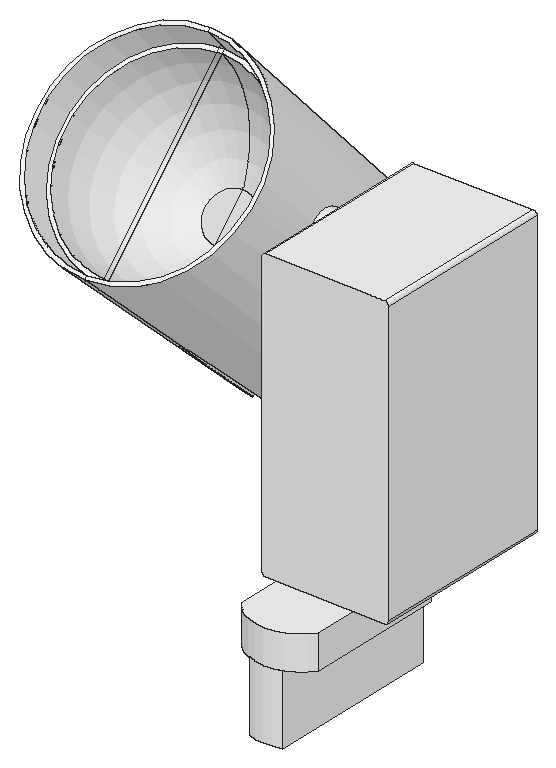
Revit family "0004816 Feilo Sylvania Lighting Fixture START TRACK SPOT S 24W 3K RA80 WB WHITE", category Lighting Fixtures, host Face, Revit 2017
Family settings
  Host = Face
  Round Connector Dimension = Use Diameter
  Part Type = Normal
  OmniClass Number = 23.80.70.00
  OmniClass Title = Lighting
  Cut with Voids When Loaded = No
  Light Source = No
  Shared = No
  Room Calculation Point = No
Parameters (values of type "0004816 START TRACK SPOT S 24W 3K RA80 WB WHITE")
  Weight = "0.966 kg"
  Wattage Comments = ""
  WarrantyStartDate [instance] = "n/a"
  WarrantyGuarantorParts = "n/a"
  WarrantyDurationUnit = "n/a"
  WarrantyDurationParts = "n/a"
  WarrantyDescription = "n/a"
  Voltage = 230 V
  URL = "http://www.sylvania-lighting.com"
  TypeName = "START TRACK SPOT S 24W 3K RA80 WB WHITE"
  TypeHead_FEILO = Start Track Spot Head : 0004816 START TRACK SPOT S 24W 3K RA80 WB WHITE
  TypeBox_FEILO = Start Track Spot Box : Type Small White
  Type Image = <None>
  Type Comments = "n/a"
  VerticalRotation_FEILO [instance] = 0.00°
  SlideEndAngle_FEILO [instance] = VerticalRotation_FEILO + 180.00°  # 180.00°
  SerialNumber [instance] = "n/a"
  Material_3_FEILO = none
  PowerFactor = 0.95
  PowerConsumption = "24 W"
  NominalLength = 0 mm
  NominalHeight = 200 mm
  NominalDepth = 140 mm
  Name = "START TRACK SPOT S 24W 3K RA80 WB WHITE"
  ModelReference = Name  # "START TRACK SPOT S 24W 3K RA80 WB WHITE"
  ModelNumber = "0004816"
  Model = Name  # "START TRACK SPOT S 24W 3K RA80 WB WHITE"
  Material = "adc12 aluminium housing, polycarbonate diffuser"
  ManufacturerName = "Feilo Sylvania"
  Manufacturer = "Feilo Sylvania"
  LuminousEfficacy = "97 lm/W"
  LuminaireType = ""
  LightOutputRatio = "100"
  LampsType = Lamp  # "LED"
  LampNominalLuminous = "2318 lm"
  LampMacAdamStep = "3"
  LampColourTemperature = "3000 K"
  LampColourRenderingIndex = "80"
  Lamp = "LED"
  Keynote = "16500"
  InstallationDate [instance] = "n/a"
  InputVoltage = "230-240V~"
  InputNominalFrequency = "50/60 Hz"
  IngressProtection = "IP20"
  ImpactProtectionIndex = "IK02"
  IfcExportType = "IfcLightFixtureType"
  IfcExportAs = "IfcLightFixtureType"
  HorizontalRotation_FEILO [instance] = 45.00°
  ExpectedLife = 50000
  ElectricShockClassification = "Class II"
  DurationUnit = "hours"
  DocumentationLiterature = "http://www.sylvania-lighting.com/product/en-int/products/0004816"
  DimmingControlOptions = "Non dimmable"
  Material_2_FEILO = none
  Description = "Integrated LED spotlight, Textured White - RAL9016, compact and minimalist design, ideal for retail applications, die-cast aluminium body, passive cooling heatsink. Beam angle: 64°, color temperature: 3000K , total system power: 24W, total fixture output: 2318 lm, LOR: 100%, colour rendering: Ra: 80 typical, LED Chromaticity: 3 step MacAdam ellipse, lifetime: >50000 hours at L70B50, energy class: A++, A+, A, IR/UV free light source without heat radiation, operating voltage: 220-240V / 50-60Hz, drive current: 600mA, electronic driver, non-dimmable, power factor: 0.95, electrical protection: Class II, Global Track 3 Phase adapter suitable for Global trac 3-circuit tracks, ingress protection rating: IP20, suitable for internal environment only, horizontal rotation: 355°, vertical tilt: 90°, dimensions: Ø86x140x200, weight: 0.966kg."
  Default Elevation = 1219.2 mm
  CreatedOn = "12/12/2017"
  CreatedBy = ""
  Cost = 0
  built-in parameter 1114216 [instance] = (empty or 0)
  ClassificationValue = "EF_70_80"
  ClassificationName = "Uniclass2015"
  Material_1_FEILO = Body-Sylvania-StartTrackSpot-White
  BarCode [instance] = "n/a"
  AssetType = "Fixed"
  AssetIdentifier [instance] = "n/a"
  Assembly Code = "D5020200"
  Apparent Load = 24 VA
  Material_4_FEILO = none
Reference planes
  plane 1 "Center (Front/Back)": y = 0
  plane 2: z = 0
  plane 3 "Center (Left/Right)": x = 0
  plane 4: x = 15
  plane 5: x = -15
  plane 6: y = 35
  plane 7: y = -35
  plane 8: z = 13
  plane 9: z = -27
  plane 10: x = 6.5
  plane 11: x = -6.5
  plane 12: y = 27
  plane 13: y = -27
  plane 14: y = 20
Forms (mm)
  Extrusion 1, solid, material "Body-Sylvania-StartTrackSpot-White" <- "Material_1_FEILO"
    sketch origin (0, 0, 0) x (1, 0, 0) y (0, 1, 0)
      loop
        line (-15, 27) -> (-15, -27)
        arc (-15, -27) -> (0, -35) -> (15, -27) r 18.062
        line (15, -27) -> (15, 27)
        arc (15, 27) -> (0, 35) -> (-15, 27) r 18.062
    from 0 to 13
  Extrusion 2, solid, material "Body-Sylvania-StartTrackSpot-White" <- "Material_1_FEILO"
    sketch origin (0, 0, 0) x (1, 0, 0) y (0, 1, 0)
      loop
        arc (6.5, 33.79) -> (0, 35) -> (-6.5, 33.79) r 18.062
        line (-6.5, 33.79) -> (-6.5, -33.79)
        arc (-6.5, -33.79) -> (0, -35) -> (6.5, -33.79) r 18.062
        line (6.5, -33.79) -> (6.5, 33.79)
    from 0 to -27
  Revolve 3, solid, not visible
    sketch origin (1524, 20, 1219.2) x (1, 0, 0) y (0, 0, 1)
      loop
        line (-1524, -1206.2) -> (-1524, -1191.285) -> (-1530.5, -1191.285) -> (-1530.5, -1206.2) -> (-1524, -1206.2)
      axis (-1524, -1191.285) -> (-1524, -1206.2)
    angle from 0 <- "VerticalRotation_FEILO" to 180 <- "SlideEndAngle_FEILO"
Cuts and joins
  joined: Extrusion 1, Extrusion 2
Dimensions and locks
  equal spacing: plane 10, plane 3 "Center (Left/Right)", plane 11
  equal spacing: plane 4, plane 3 "Center (Left/Right)", plane 5
  locked: plane 8 to plane 2 at 13
  locked: plane 8 to plane 9 at 40
  equal spacing: plane 13, plane 1 "Center (Front/Back)", plane 12
  locked: plane 12 to plane 6 at 8
  locked: plane 14 to plane 6 at 15
  locked: Revolve 3 sketch curve to plane 8 at 14.915
  aligned and locked: plane 2 to host face
  aligned and locked: level to host face
  aligned and locked: plane 5 to Extrusion 1 sketch curve  (x2)
  aligned and locked: plane 12 to Extrusion 1 sketch curve
  aligned and locked: plane 13 to Extrusion 1 sketch curve
  aligned and locked: plane 4 to Extrusion 1 sketch curve
  aligned and locked: Extrusion 1 to plane 8
  aligned and locked: Extrusion 1 to level
  aligned and locked: Extrusion 2 sketch curve to Extrusion 1  (x2)
  aligned and locked: Extrusion 2 sketch curve to plane 11
  aligned and locked: plane 10 to Extrusion 2 sketch curve
  aligned and locked: plane 9 to Extrusion 2
  aligned and locked: level to Extrusion 2
  aligned and locked: Revolve 3 sketch curve to plane 3 "Center (Left/Right)"  (x2)
  aligned and locked: plane 11 to Revolve 3 sketch curve
  aligned and locked: Revolve 3 sketch curve to plane 8
Automatic sketch dimensions
  host sketch curve to host sketch curve = 2438.4 mm  (x2)
  Extrusion 1 sketch curve to plane 3 "Center (Left/Right)" = 0 mm  (x2)
  Extrusion 1 sketch curve to plane 13 = 10.062 mm
  plane 12 to Extrusion 1 sketch curve = 10.062 mm
  Revolve 3 sketch curve to plane 3 "Center (Left/Right)" = 0 mm
  plane 9 to Revolve 3 sketch curve = 582.6 mm
  Revolve 3 sketch curve to Revolve 3 sketch curve = 2581.144 mm
Nested families
  nested 1: "Start Track Spot Head" at (-62, 20, 112.529) x (0, 0.7071, 0.7071) z (0, 0.7071, -0.7071), type <- "TypeHead_FEILO", type "0004816 START TRACK SPOT S 24W 3K RA80 WB WHITE"
    with built-in parameter 1114216 (empty or 0)
  nested 2: "Start Track Spot Box" at (8.5, 20, 73) x (-1, 0, 0) z (0, -1, 0), BoxStartAngle_FEILO <- "HorizontalRotation_FEILO", type <- "TypeBox_FEILO", type "Type Small White"
    with BoxStartAngle_FEILO 45.00°, BoxEndAngle_FEILO -135.00°
Connectors
  electrical at (0, 0, 0), driven by "Apparent Load", driven by "PowerFactor", driven by "Voltage"
    settings: index 1, voltage 230 V, apparent load 24 VA, apparent load phase1 0 VA, apparent load phase2 0 VA, apparent load phase3 0 VA, power factor 0.95, load classification "Lighting", number of poles 1, system type 30, power factor state 1, is connector primary yes, connector utility no, sub classification motor no, connector description ""
Definition of nested family "Start Track Spot Head"
  Parameters (values of type "0004811 START TRACK SPOT S 14W 3K RA80 NB WHITE")
    Wattage Comments = "n/a"
    Wattage = 14 W
    built-in parameter 1150110 = 1 (stored number, unit not read)
    URL = "http://www.feilosylvania.com"
    Type Image = (empty or 0)
    Type Comments = "n/a"
    built-in parameter 1114217 = 1 (stored number, unit not read)
    Tilt Angle = -90.00°
    built-in parameter 1150109 = 1 (stored number, unit not read)
    built-in parameter 1150134 = (empty or 0)
    built-in parameter 1150113 = 1 (stored number, unit not read)
    Photometric Web File = "0004811.ies"
    Material_3_FEILO = none
    Model = "START TRACK SPOT S 14W 3K RA80 NB WHITE"
    Manufacturer = "Feilo Sylvania"
    built-in parameter 1150105 = 123.66 (stored number, unit not read)
    Lumens = 1554 lm
    built-in parameter 1150115 = 1 (stored number, unit not read)
    built-in parameter 1150137 = (empty or 0)
    built-in parameter 1150139 = (empty or 0)
    built-in parameter 1150112 = 1 (stored number, unit not read)
    built-in parameter 1150114 = 1 (stored number, unit not read)
    Lamp = "LED"
    Keynote = "16500"
    Material_2_FEILO = none
    built-in parameter 1150132 = (empty or 0)
    built-in parameter 1150102 = (empty or 0)
    built-in parameter 1150107 = 3000 (stored number, unit not read)
    built-in parameter 1150138 = (empty or 0)
    built-in parameter 1150106 = 1.2366 (stored number, unit not read)
    HeadThickness_FEILO = if(HeadDiaOut_FEILO > 112 mm, 2 mm, 1.5 mm)  # 1.5 mm
    HeadRibOffset_FEILO = HeadHeight_FEILO / 28  # 4.179 mm
    HeadRibDepth_FEILO = HeadHeight_FEILO / 2.1  # 55.714 mm
    HeadRibCutWidth_FEILO = HeadDiaOut_FEILO / 12  # 7.167 mm
    HeadRibCutOffset_FEILO = HeadHeight_FEILO / 2.3  # 50.87 mm
    HeadReflectorRadius_FEILO = HeadDiaOut_FEILO / 1.7  # 50.588 mm
    HeadReflectorOffset_FEILO = HeadHeight_FEILO / 2.1  # 55.714 mm
    HeadLEDRadius_FEILO = HeadDiaOut_FEILO / 9  # 9.556 mm
    HeadHeight_FEILO = 117 mm
    HeadDraft_FEILO = 1 mm
    HeadDiffusorThickness_FEILO = 3 mm
    HeadDiffusorOffset_FEILO = HeadHeight_FEILO / 12.4  # 9.435 mm
    HeadDiaOut_FEILO = 86 mm
    HeadDiaIn_FEILO = HeadDiaOut_FEILO / 1.11  # 77.477 mm
    HeadAxisFromTop_FEILO = HeadHeight_FEILO / 1.687  # 69.354 mm
    Emit from Circle Diameter = HeadDiaIn_FEILO  # 77.477 mm
    Emit Shape Visible in Rendering = no
    built-in parameter 1150104 = 10.312 (stored number, unit not read)
    Dimming Lamp Color Temperature Shift = (empty or 0)
    Description = "Integrated LED spotlight, Textured White - RAL9016, compact and minimalist design, ideal for retail applications, die-cast aluminium body, passive cooling heatsink. Beam angle: 12°, color temperature: 3000K , total system power: 14W, total fixture output: 1551 lm, LOR: 100%, colour rendering: Ra: 80 typical, LED Chromaticity: 3 step MacAdam ellipse, lifetime: >50000 hours at L70B50, energy class: A++, A+, A, IR/UV free light source without heat radiation, operating voltage: 220-240V / 50-60Hz, drive current: 350mA, electronic driver, non-dimmable, power factor: 0.92, electrical protection: Class II, Global Track 3 Phase adapter suitable for Global trac 3-circuit tracks, ingress protection rating: IP20, suitable for internal environment only, horizontal rotation: 355°, vertical tilt: 90°, dimensions: Ø86x140x200, weight: 0.940kg."
    Default Elevation = 1219.2 mm
    Cost = 0
    Color Filter = 16777215
    built-in parameter 1114216 [instance] = (empty or 0)
    Material_1_FEILO = none
    built-in parameter 1114218 = 1 (stored number, unit not read)
    built-in parameter 1150133 = 10 (stored number, unit not read)
    Assembly Code = "D5020200"
    Apparent Load = 14 VA
    Material_4_FEILO = none
  Types (96, lengths in mm): name | Wattage | built-in parameter 1150134 | Photometric Web File | Model | built-in parameter 1150105 | Lumens | built-in parameter 1150107 | built-in parameter 1150106 | HeadThickness_FEILO | HeadRibOffset_FEILO | HeadRibDepth_FEILO | HeadRibCutWidth_FEILO | HeadRibCutOffset_FEILO | HeadReflectorRadius_FEILO | HeadReflectorOffset_FEILO | HeadLEDRadius_FEILO | HeadHeight_FEILO | HeadDiffusorOffset_FEILO | HeadDiaOut_FEILO | HeadDiaIn_FEILO | HeadAxisFromTop_FEILO | Emit from Circle Diameter | built-in parameter 1150104 | Description | Apparent Load
    0004906 START TRACK SPOT L 55W 4K RA90 WB BLACK | 55 W | 12 | "0004906.ies" | "START TRACK SPOT L 55W 4K RA90 WB BLACK" | 385.15 (stored number, unit not read) | 4840 lm | 4000 (stored number, unit not read) | 3.8515 (stored number, unit not read) | 2 | 4.429 | 59.048 | 9.417 | 53.913 | 66.471 | 59.048 | 12.556 | 124 | 10 | 113 | 101.802 | 73.503 | 101.802 | 8.1755 (stored number, unit not read) | "Integrated LED spotlight, Textured Black - RAL9005, compact and minimalist design, ideal for retail applications, die-cast aluminium body, passive cooling heatsink. Beam angle: 52°, color temperature: 4000K , total system power: 55W, total fixture output: 4824 lm, LOR: 100%, colour rendering: Ra: 90 typical, LED Chromaticity: 3 step MacAdam ellipse, lifetime: >50000 hours at L70B50, energy class: A++, A+, A, IR/UV free light source without heat radiation, operating voltage: 220-240V / 50-60Hz, drive current: 1400mA, electronic driver, non-dimmable, power factor: 0.96, electrical protection: Class II, Global Track 3 Phase adapter suitable for Global trac 3-circuit tracks, ingress protection rating: IP20, suitable for internal environment only, horizontal rotation: 355°, vertical tilt: 90°, dimensions: Ø113x164x240, weight: 1.398kg." | 55 VA
    0004905 START TRACK SPOT L 55W 4K RA90 MB BLACK | 55 W | 12 | "0004905.ies" | "START TRACK SPOT L 55W 4K RA90 MB BLACK" | 389.53 (stored number, unit not read) | 4895 lm | 4000 (stored number, unit not read) | 3.8953 (stored number, unit not read) | 2 | 4.429 | 59.048 | 9.417 | 53.913 | 66.471 | 59.048 | 12.556 | 124 | 10 | 113 | 101.802 | 73.503 | 101.802 | 8.2684 (stored number, unit not read) | "Integrated LED spotlight, Textured Black - RAL9005, compact and minimalist design, ideal for retail applications, die-cast aluminium body, passive cooling heatsink. Beam angle: 38°, color temperature: 4000K , total system power: 55W, total fixture output: 4897 lm, LOR: 100%, colour rendering: Ra: 90 typical, LED Chromaticity: 3 step MacAdam ellipse, lifetime: >50000 hours at L70B50, energy class: A++, A+, A, IR/UV free light source without heat radiation, operating voltage: 220-240V / 50-60Hz, drive current: 1400mA, electronic driver, non-dimmable, power factor: 0.96, electrical protection: Class II, Global Track 3 Phase adapter suitable for Global trac 3-circuit tracks, ingress protection rating: IP20, suitable for internal environment only, horizontal rotation: 355°, vertical tilt: 90°, dimensions: Ø113x164x240, weight: 1.398kg." | 55 VA
    0004904 START TRACK SPOT L 55W 4K RA90 NB BLACK | 55 W | 12 | "0004904.ies" | "START TRACK SPOT L 55W 4K RA90 NB BLACK" | 393.91 (stored number, unit not read) | 4950 lm | 4000 (stored number, unit not read) | 3.9391 (stored number, unit not read) | 2 | 4.429 | 59.048 | 9.417 | 53.913 | 66.471 | 59.048 | 12.556 | 124 | 10 | 113 | 101.802 | 73.503 | 101.802 | 8.3613 (stored number, unit not read) | "Integrated LED spotlight, Textured Black - RAL9005, compact and minimalist design, ideal for retail applications, die-cast aluminium body, passive cooling heatsink. Beam angle: 15°, color temperature: 4000K , total system power: 55W, total fixture output: 4965 lm, LOR: 100%, colour rendering: Ra: 90 typical, LED Chromaticity: 3 step MacAdam ellipse, lifetime: >50000 hours at L70B50, energy class: A++, A+, A, IR/UV free light source without heat radiation, operating voltage: 220-240V / 50-60Hz, drive current: 1400mA, electronic driver, non-dimmable, power factor: 0.96, electrical protection: Class II, Global Track 3 Phase adapter suitable for Global trac 3-circuit tracks, ingress protection rating: IP20, suitable for internal environment only, horizontal rotation: 355°, vertical tilt: 90°, dimensions: Ø113x164x240, weight: 1.398kg." | 55 VA
    0004903 START TRACK SPOT L 35W 4K RA90 WB BLACK | 35 W | 12 | "0004903.ies" | "START TRACK SPOT L 35W 4K RA90 WB BLACK" | 284.09 (stored number, unit not read) | 3570 lm | 4000 (stored number, unit not read) | 2.8409 (stored number, unit not read) | 2 | 4.429 | 59.048 | 9.417 | 53.913 | 66.471 | 59.048 | 12.556 | 124 | 10 | 113 | 101.802 | 73.503 | 101.802 | 9.4761 (stored number, unit not read) | "Integrated LED spotlight, Textured Black - RAL9005, compact and minimalist design, ideal for retail applications, die-cast aluminium body, passive cooling heatsink. Beam angle: 52°, color temperature: 4000K , total system power: 35W, total fixture output: 3562 lm, LOR: 100%, colour rendering: Ra: 90 typical, LED Chromaticity: 3 step MacAdam ellipse, lifetime: >50000 hours at L70B50, energy class: A++, A+, A, IR/UV free light source without heat radiation, operating voltage: 220-240V / 50-60Hz, drive current: 900mA, electronic driver, non-dimmable, power factor: 0.93, electrical protection: Class II, Global Track 3 Phase adapter suitable for Global trac 3-circuit tracks, ingress protection rating: IP20, suitable for internal environment only, horizontal rotation: 355°, vertical tilt: 90°, dimensions: Ø113x164x240, weight: 1.368kg." | 35 VA
    0004902 START TRACK SPOT L 35W 4K RA90 MB BLACK | 35 W | 12 | "0004902.ies" | "START TRACK SPOT L 35W 4K RA90 MB BLACK" | 286.88 (stored number, unit not read) | 3605 lm | 4000 (stored number, unit not read) | 2.8688 (stored number, unit not read) | 2 | 4.429 | 59.048 | 9.417 | 53.913 | 66.471 | 59.048 | 12.556 | 124 | 10 | 113 | 101.802 | 73.503 | 101.802 | 9.569 (stored number, unit not read) | "Integrated LED spotlight, Textured Black - RAL9005, compact and minimalist design, ideal for retail applications, die-cast aluminium body, passive cooling heatsink. Beam angle: 38°, color temperature: 4000K , total system power: 35W, total fixture output: 3616 lm, LOR: 100%, colour rendering: Ra: 90 typical, LED Chromaticity: 3 step MacAdam ellipse, lifetime: >50000 hours at L70B50, energy class: A++, A+, A, IR/UV free light source without heat radiation, operating voltage: 220-240V / 50-60Hz, drive current: 900mA, electronic driver, non-dimmable, power factor: 0.93, electrical protection: Class II, Global Track 3 Phase adapter suitable for Global trac 3-circuit tracks, ingress protection rating: IP20, suitable for internal environment only, horizontal rotation: 355°, vertical tilt: 90°, dimensions: Ø113x164x240, weight: 1.368kg." | 35 VA
    0004901 START TRACK SPOT L 35W 4K RA90 NB BLACK | 35 W | 12 | "0004901.ies" | "START TRACK SPOT L 35W 4K RA90 NB BLACK" | 286.88 (stored number, unit not read) | 3605 lm | 4000 (stored number, unit not read) | 2.8688 (stored number, unit not read) | 2 | 4.429 | 59.048 | 9.417 | 53.913 | 66.471 | 59.048 | 12.556 | 124 | 10 | 113 | 101.802 | 73.503 | 101.802 | 9.569 (stored number, unit not read) | "Integrated LED spotlight, Textured Black - RAL9005, compact and minimalist design, ideal for retail applications, die-cast aluminium body, passive cooling heatsink. Beam angle: 15°, color temperature: 4000K , total system power: 35W, total fixture output: 3593 lm, LOR: 100%, colour rendering: Ra: 90 typical, LED Chromaticity: 3 step MacAdam ellipse, lifetime: >50000 hours at L70B50, energy class: A++, A+, A, IR/UV free light source without heat radiation, operating voltage: 220-240V / 50-60Hz, drive current: 900mA, electronic driver, non-dimmable, power factor: 0.93, electrical protection: Class II, Global Track 3 Phase adapter suitable for Global trac 3-circuit tracks, ingress protection rating: IP20, suitable for internal environment only, horizontal rotation: 355°, vertical tilt: 90°, dimensions: Ø113x164x240, weight: 1.368kg." | 35 VA
    0004900 START TRACK SPOT S 24W 4K RA90 WB BLACK | 24 W | 12 | "0004900.ies" | "START TRACK SPOT S 24W 4K RA90 WB BLACK" | 166.16 (stored number, unit not read) | 2088 lm | 4000 (stored number, unit not read) | 1.6616 (stored number, unit not read) | 1.5 | 4.179 | 55.714 | 7.167 | 50.87 | 50.588 | 55.714 | 9.556 | 117 | 9.435 | 86 | 77.477 | 69.354 | 77.477 | 8.0826 (stored number, unit not read) | "Integrated LED spotlight, Textured Black - RAL9005, compact and minimalist design, ideal for retail applications, die-cast aluminium body, passive cooling heatsink. Beam angle: 64°, color temperature: 4000K , total system power: 24W, total fixture output: 2087 lm, LOR: 100%, colour rendering: Ra: 90 typical, LED Chromaticity: 3 step MacAdam ellipse, lifetime: >50000 hours at L70B50, energy class: A++, A+, A, IR/UV free light source without heat radiation, operating voltage: 220-240V / 50-60Hz, drive current: 600mA, electronic driver, non-dimmable, power factor: 0.95, electrical protection: Class II, Global Track 3 Phase adapter suitable for Global trac 3-circuit tracks, ingress protection rating: IP20, suitable for internal environment only, horizontal rotation: 355°, vertical tilt: 90°, dimensions: Ø86x140x200, weight: 0.966kg." | 24 VA
    0004899 START TRACK SPOT S 24W 4K RA90 MB BLACK | 24 W | 12 | "0004899.ies" | "START TRACK SPOT S 24W 4K RA90 MB BLACK" | 169.98 (stored number, unit not read) | 2136 lm | 4000 (stored number, unit not read) | 1.6998 (stored number, unit not read) | 1.5 | 4.179 | 55.714 | 7.167 | 50.87 | 50.588 | 55.714 | 9.556 | 117 | 9.435 | 86 | 77.477 | 69.354 | 77.477 | 8.2684 (stored number, unit not read) | "Integrated LED spotlight, Textured Black - RAL9005, compact and minimalist design, ideal for retail applications, die-cast aluminium body, passive cooling heatsink. Beam angle: 36°, color temperature: 4000K , total system power: 24W, total fixture output: 2141 lm, LOR: 100%, colour rendering: Ra: 90 typical, LED Chromaticity: 3 step MacAdam ellipse, lifetime: >50000 hours at L70B50, energy class: A++, A+, A, IR/UV free light source without heat radiation, operating voltage: 220-240V / 50-60Hz, drive current: 600mA, electronic driver, non-dimmable, power factor: 0.95, electrical protection: Class II, Global Track 3 Phase adapter suitable for Global trac 3-circuit tracks, ingress protection rating: IP20, suitable for internal environment only, horizontal rotation: 355°, vertical tilt: 90°, dimensions: Ø86x140x200, weight: 0.966kg." | 24 VA
    0004898 START TRACK SPOT S 24W 4K RA90 NB BLACK | 24 W | 12 | "0004898.ies" | "START TRACK SPOT S 24W 4K RA90 NB BLACK" | 171.89 (stored number, unit not read) | 2160 lm | 4000 (stored number, unit not read) | 1.7189 (stored number, unit not read) | 1.5 | 4.179 | 55.714 | 7.167 | 50.87 | 50.588 | 55.714 | 9.556 | 117 | 9.435 | 86 | 77.477 | 69.354 | 77.477 | 8.3613 (stored number, unit not read) | "Integrated LED spotlight, Textured Black - RAL9005, compact and minimalist design, ideal for retail applications, die-cast aluminium body, passive cooling heatsink. Beam angle: 12°, color temperature: 4000K , total system power: 24W, total fixture output: 2155 lm, LOR: 100%, colour rendering: Ra: 90 typical, LED Chromaticity: 3 step MacAdam ellipse, lifetime: >50000 hours at L70B50, energy class: A++, A+, A, IR/UV free light source without heat radiation, operating voltage: 220-240V / 50-60Hz, drive current: 600mA, electronic driver, non-dimmable, power factor: 0.95, electrical protection: Class II, Global Track 3 Phase adapter suitable for Global trac 3-circuit tracks, ingress protection rating: IP20, suitable for internal environment only, horizontal rotation: 355°, vertical tilt: 90°, dimensions: Ø86x140x200, weight: 0.966kg." | 24 VA
    0004897 START TRACK SPOT S 14W 4K RA90 WB BLACK | 14 W | 12 | "0004897.ies" | "START TRACK SPOT S 14W 4K RA90 WB BLACK" | 108.07 (stored number, unit not read) | 1358 lm | 4000 (stored number, unit not read) | 1.0807 (stored number, unit not read) | 1.5 | 4.179 | 55.714 | 7.167 | 50.87 | 50.588 | 55.714 | 9.556 | 117 | 9.435 | 86 | 77.477 | 69.354 | 77.477 | 9.0116 (stored number, unit not read) | "Integrated LED spotlight, Textured Black - RAL9005, compact and minimalist design, ideal for retail applications, die-cast aluminium body, passive cooling heatsink. Beam angle: 64°, color temperature: 4000K , total system power: 14W, total fixture output: 1352 lm, LOR: 100%, colour rendering: Ra: 90 typical, LED Chromaticity: 3 step MacAdam ellipse, lifetime: >50000 hours at L70B50, energy class: A++, A+, A, IR/UV free light source without heat radiation, operating voltage: 220-240V / 50-60Hz, drive current: 350mA, electronic driver, non-dimmable, power factor: 0.92, electrical protection: Class II, Global Track 3 Phase adapter suitable for Global trac 3-circuit tracks, ingress protection rating: IP20, suitable for internal environment only, horizontal rotation: 355°, vertical tilt: 90°, dimensions: Ø86x140x200, weight: 0.940kg." | 14 VA
    0004896 START TRACK SPOT S 14W 4K RA90 MB BLACK | 14 W | 12 | "0004896.ies" | "START TRACK SPOT S 14W 4K RA90 MB BLACK" | 108.07 (stored number, unit not read) | 1358 lm | 4000 (stored number, unit not read) | 1.0807 (stored number, unit not read) | 1.5 | 4.179 | 55.714 | 7.167 | 50.87 | 50.588 | 55.714 | 9.556 | 117 | 9.435 | 86 | 77.477 | 69.354 | 77.477 | 9.0116 (stored number, unit not read) | "Integrated LED spotlight, Textured Black - RAL9005, compact and minimalist design, ideal for retail applications, die-cast aluminium body, passive cooling heatsink. Beam angle: 36°, color temperature: 4000K , total system power: 14W, total fixture output: 1359 lm, LOR: 100%, colour rendering: Ra: 90 typical, LED Chromaticity: 3 step MacAdam ellipse, lifetime: >50000 hours at L70B50, energy class: A++, A+, A, IR/UV free light source without heat radiation, operating voltage: 220-240V / 50-60Hz, drive current: 350mA, electronic driver, non-dimmable, power factor: 0.92, electrical protection: Class II, Global Track 3 Phase adapter suitable for Global trac 3-circuit tracks, ingress protection rating: IP20, suitable for internal environment only, horizontal rotation: 355°, vertical tilt: 90°, dimensions: Ø86x140x200, weight: 0.940kg." | 14 VA
    0004895 START TRACK SPOT S 14W 4K RA90 NB BLACK | 14 W | 12 | "0004895.ies" | "START TRACK SPOT S 14W 4K RA90 NB BLACK" | 106.95 (stored number, unit not read) | 1344 lm | 4000 (stored number, unit not read) | 1.0695 (stored number, unit not read) | 1.5 | 4.179 | 55.714 | 7.167 | 50.87 | 50.588 | 55.714 | 9.556 | 117 | 9.435 | 86 | 77.477 | 69.354 | 77.477 | 8.9187 (stored number, unit not read) | "Integrated LED spotlight, Textured Black - RAL9005, compact and minimalist design, ideal for retail applications, die-cast aluminium body, passive cooling heatsink. Beam angle: 12°, color temperature: 4000K , total system power: 14W, total fixture output: 1349 lm, LOR: 100%, colour rendering: Ra: 90 typical, LED Chromaticity: 3 step MacAdam ellipse, lifetime: >50000 hours at L70B50, energy class: A++, A+, A, IR/UV free light source without heat radiation, operating voltage: 220-240V / 50-60Hz, drive current: 350mA, electronic driver, non-dimmable, power factor: 0.92, electrical protection: Class II, Global Track 3 Phase adapter suitable for Global trac 3-circuit tracks, ingress protection rating: IP20, suitable for internal environment only, horizontal rotation: 355°, vertical tilt: 90°, dimensions: Ø86x140x200, weight: 0.940kg." | 14 VA
    0004894 START TRACK SPOT L 55W 3K RA90 WB BLACK | 55 W | (empty or 0) | "0004894.ies" | "START TRACK SPOT L 55W 3K RA90 WB BLACK" | 350.14 (stored number, unit not read) | 4400 lm | 3000 (stored number, unit not read) | 3.5014 (stored number, unit not read) | 2 | 4.429 | 59.048 | 9.417 | 53.913 | 66.471 | 59.048 | 12.556 | 124 | 10 | 113 | 101.802 | 73.503 | 101.802 | 7.4322 (stored number, unit not read) | "Integrated LED spotlight, Textured Black - RAL9005, compact and minimalist design, ideal for retail applications, die-cast aluminium body, passive cooling heatsink. Beam angle: 52°, color temperature: 3000K , total system power: 55W, total fixture output: 4405 lm, LOR: 100%, colour rendering: Ra: 90 typical, LED Chromaticity: 3 step MacAdam ellipse, lifetime: >50000 hours at L70B50, energy class: A++, A+, A, IR/UV free light source without heat radiation, operating voltage: 220-240V / 50-60Hz, drive current: 1400mA, electronic driver, non-dimmable, power factor: 0.96, electrical protection: Class II, Global Track 3 Phase adapter suitable for Global trac 3-circuit tracks, ingress protection rating: IP20, suitable for internal environment only, horizontal rotation: 355°, vertical tilt: 90°, dimensions: Ø113x164x240, weight: 1.398kg." | 55 VA
    0004893 START TRACK SPOT L 55W 3K RA90 MB BLACK | 55 W | (empty or 0) | "0004893.ies" | "START TRACK SPOT L 55W 3K RA90 MB BLACK" | 354.52 (stored number, unit not read) | 4455 lm | 3000 (stored number, unit not read) | 3.5452 (stored number, unit not read) | 2 | 4.429 | 59.048 | 9.417 | 53.913 | 66.471 | 59.048 | 12.556 | 124 | 10 | 113 | 101.802 | 73.503 | 101.802 | 7.5251 (stored number, unit not read) | "Integrated LED spotlight, Textured Black - RAL9005, compact and minimalist design, ideal for retail applications, die-cast aluminium body, passive cooling heatsink. Beam angle: 38°, color temperature: 3000K , total system power: 55W, total fixture output: 4448 lm, LOR: 100%, colour rendering: Ra: 90 typical, LED Chromaticity: 3 step MacAdam ellipse, lifetime: >50000 hours at L70B50, energy class: A++, A+, A, IR/UV free light source without heat radiation, operating voltage: 220-240V / 50-60Hz, drive current: 1400mA, electronic driver, non-dimmable, power factor: 0.96, electrical protection: Class II, Global Track 3 Phase adapter suitable for Global trac 3-circuit tracks, ingress protection rating: IP20, suitable for internal environment only, horizontal rotation: 355°, vertical tilt: 90°, dimensions: Ø113x164x240, weight: 1.398kg." | 55 VA
    0004892 START TRACK SPOT L 55W 3K RA90 NB BLACK | 55 W | (empty or 0) | "0004892.ies" | "START TRACK SPOT L 55W 3K RA90 NB BLACK" | 350.14 (stored number, unit not read) | 4400 lm | 3000 (stored number, unit not read) | 3.5014 (stored number, unit not read) | 2 | 4.429 | 59.048 | 9.417 | 53.913 | 66.471 | 59.048 | 12.556 | 124 | 10 | 113 | 101.802 | 73.503 | 101.802 | 7.4322 (stored number, unit not read) | "Integrated LED spotlight, Textured Black - RAL9005, compact and minimalist design, ideal for retail applications, die-cast aluminium body, passive cooling heatsink. Beam angle: 15°, color temperature: 3000K , total system power: 55W, total fixture output: 4416 lm, LOR: 100%, colour rendering: Ra: 90 typical, LED Chromaticity: 3 step MacAdam ellipse, lifetime: >50000 hours at L70B50, energy class: A++, A+, A, IR/UV free light source without heat radiation, operating voltage: 220-240V / 50-60Hz, drive current: 1400mA, electronic driver, non-dimmable, power factor: 0.96, electrical protection: Class II, Global Track 3 Phase adapter suitable for Global trac 3-circuit tracks, ingress protection rating: IP20, suitable for internal environment only, horizontal rotation: 355°, vertical tilt: 90°, dimensions: Ø113x164x240, weight: 1.398kg." | 55 VA
    0004891 START TRACK SPOT L 35W 3K RA90 WB BLACK | 35 W | (empty or 0) | "0004891.ies" | "START TRACK SPOT L 35W 3K RA90 WB BLACK" | 259.02 (stored number, unit not read) | 3255 lm | 3000 (stored number, unit not read) | 2.5902 (stored number, unit not read) | 2 | 4.429 | 59.048 | 9.417 | 53.913 | 66.471 | 59.048 | 12.556 | 124 | 10 | 113 | 101.802 | 73.503 | 101.802 | 8.64 (stored number, unit not read) | "Integrated LED spotlight, Textured Black - RAL9005, compact and minimalist design, ideal for retail applications, die-cast aluminium body, passive cooling heatsink. Beam angle: 52°, color temperature: 3000K , total system power: 35W, total fixture output: 3260 lm, LOR: 100%, colour rendering: Ra: 90 typical, LED Chromaticity: 3 step MacAdam ellipse, lifetime: >50000 hours at L70B50, energy class: A++, A+, A, IR/UV free light source without heat radiation, operating voltage: 220-240V / 50-60Hz, drive current: 900mA, electronic driver, non-dimmable, power factor: 0.93, electrical protection: Class II, Global Track 3 Phase adapter suitable for Global trac 3-circuit tracks, ingress protection rating: IP20, suitable for internal environment only, horizontal rotation: 355°, vertical tilt: 90°, dimensions: Ø113x164x240, weight: 1.368kg." | 35 VA
    0004890 START TRACK SPOT L 35W 3K RA90 MB BLACK | 35 W | (empty or 0) | "0004890.ies" | "START TRACK SPOT L 35W 3K RA90 MB BLACK" | 261.81 (stored number, unit not read) | 3290 lm | 3000 (stored number, unit not read) | 2.6181 (stored number, unit not read) | 2 | 4.429 | 59.048 | 9.417 | 53.913 | 66.471 | 59.048 | 12.556 | 124 | 10 | 113 | 101.802 | 73.503 | 101.802 | 8.7329 (stored number, unit not read) | "Integrated LED spotlight, Textured Black - RAL9005, compact and minimalist design, ideal for retail applications, die-cast aluminium body, passive cooling heatsink. Beam angle: 38°, color temperature: 3000K , total system power: 35W, total fixture output: 3306 lm, LOR: 100%, colour rendering: Ra: 90 typical, LED Chromaticity: 3 step MacAdam ellipse, lifetime: >50000 hours at L70B50, energy class: A++, A+, A, IR/UV free light source without heat radiation, operating voltage: 220-240V / 50-60Hz, drive current: 900mA, electronic driver, non-dimmable, power factor: 0.93, electrical protection: Class II, Global Track 3 Phase adapter suitable for Global trac 3-circuit tracks, ingress protection rating: IP20, suitable for internal environment only, horizontal rotation: 355°, vertical tilt: 90°, dimensions: Ø113x164x240, weight: 1.368kg." | 35 VA
    0004889 START TRACK SPOT L 35W 3K RA90 NB BLACK | 35 W | (empty or 0) | "0004889.ies" | "START TRACK SPOT L 35W 3K RA90 NB BLACK" | 261.81 (stored number, unit not read) | 3290 lm | 3000 (stored number, unit not read) | 2.6181 (stored number, unit not read) | 2 | 4.429 | 59.048 | 9.417 | 53.913 | 66.471 | 59.048 | 12.556 | 124 | 10 | 113 | 101.802 | 73.503 | 101.802 | 8.7329 (stored number, unit not read) | "Integrated LED spotlight, Textured Black - RAL9005, compact and minimalist design, ideal for retail applications, die-cast aluminium body, passive cooling heatsink. Beam angle: 15°, color temperature: 3000K , total system power: 35W, total fixture output: 3287 lm, LOR: 100%, colour rendering: Ra: 90 typical, LED Chromaticity: 3 step MacAdam ellipse, lifetime: >50000 hours at L70B50, energy class: A++, A+, A, IR/UV free light source without heat radiation, operating voltage: 220-240V / 50-60Hz, drive current: 900mA, electronic driver, non-dimmable, power factor: 0.93, electrical protection: Class II, Global Track 3 Phase adapter suitable for Global trac 3-circuit tracks, ingress protection rating: IP20, suitable for internal environment only, horizontal rotation: 355°, vertical tilt: 90°, dimensions: Ø113x164x240, weight: 1.368kg." | 35 VA
    0004888 START TRACK SPOT S 24W 3K RA90 WB BLACK | 24 W | (empty or 0) | "0004888.ies" | "START TRACK SPOT S 24W 3K RA90 WB BLACK" | 152.79 (stored number, unit not read) | 1920 lm | 3000 (stored number, unit not read) | 1.5279 (stored number, unit not read) | 1.5 | 4.179 | 55.714 | 7.167 | 50.87 | 50.588 | 55.714 | 9.556 | 117 | 9.435 | 86 | 77.477 | 69.354 | 77.477 | 7.4322 (stored number, unit not read) | "Integrated LED spotlight, Textured Black - RAL9005, compact and minimalist design, ideal for retail applications, die-cast aluminium body, passive cooling heatsink. Beam angle: 64°, color temperature: 3000K , total system power: 24W, total fixture output: 1928 lm, LOR: 100%, colour rendering: Ra: 90 typical, LED Chromaticity: 3 step MacAdam ellipse, lifetime: >50000 hours at L70B50, energy class: A++, A+, A, IR/UV free light source without heat radiation, operating voltage: 220-240V / 50-60Hz, drive current: 600mA, electronic driver, non-dimmable, power factor: 0.95, electrical protection: Class II, Global Track 3 Phase adapter suitable for Global trac 3-circuit tracks, ingress protection rating: IP20, suitable for internal environment only, horizontal rotation: 355°, vertical tilt: 90°, dimensions: Ø86x140x200, weight: 0.966kg." | 24 VA
    0004887 START TRACK SPOT S 24W 3K RA90 MB BLACK | 24 W | (empty or 0) | "0004887.ies" | "START TRACK SPOT S 24W 3K RA90 MB BLACK" | 154.7 (stored number, unit not read) | 1944 lm | 3000 (stored number, unit not read) | 1.547 (stored number, unit not read) | 1.5 | 4.179 | 55.714 | 7.167 | 50.87 | 50.588 | 55.714 | 9.556 | 117 | 9.435 | 86 | 77.477 | 69.354 | 77.477 | 7.5251 (stored number, unit not read) | "Integrated LED spotlight, Textured Black - RAL9005, compact and minimalist design, ideal for retail applications, die-cast aluminium body, passive cooling heatsink. Beam angle: 36°, color temperature: 3000K , total system power: 24W, total fixture output: 1944 lm, LOR: 100%, colour rendering: Ra: 90 typical, LED Chromaticity: 3 step MacAdam ellipse, lifetime: >50000 hours at L70B50, energy class: A++, A+, A, IR/UV free light source without heat radiation, operating voltage: 220-240V / 50-60Hz, drive current: 600mA, electronic driver, non-dimmable, power factor: 0.95, electrical protection: Class II, Global Track 3 Phase adapter suitable for Global trac 3-circuit tracks, ingress protection rating: IP20, suitable for internal environment only, horizontal rotation: 355°, vertical tilt: 90°, dimensions: Ø86x140x200, weight: 0.966kg." | 24 VA
    0004886 START TRACK SPOT S 24W 3K RA90 NB BLACK | 24 W | (empty or 0) | "0004886.ies" | "START TRACK SPOT S 24W 3K RA90 NB BLACK" | 158.52 (stored number, unit not read) | 1992 lm | 3000 (stored number, unit not read) | 1.5852 (stored number, unit not read) | 1.5 | 4.179 | 55.714 | 7.167 | 50.87 | 50.588 | 55.714 | 9.556 | 117 | 9.435 | 86 | 77.477 | 69.354 | 77.477 | 7.711 (stored number, unit not read) | "Integrated LED spotlight, Textured Black - RAL9005, compact and minimalist design, ideal for retail applications, die-cast aluminium body, passive cooling heatsink. Beam angle: 12°, color temperature: 3000K , total system power: 24W, total fixture output: 1987 lm, LOR: 100%, colour rendering: Ra: 90 typical, LED Chromaticity: 3 step MacAdam ellipse, lifetime: >50000 hours at L70B50, energy class: A++, A+, A, IR/UV free light source without heat radiation, operating voltage: 220-240V / 50-60Hz, drive current: 600mA, electronic driver, non-dimmable, power factor: 0.95, electrical protection: Class II, Global Track 3 Phase adapter suitable for Global trac 3-circuit tracks, ingress protection rating: IP20, suitable for internal environment only, horizontal rotation: 355°, vertical tilt: 90°, dimensions: Ø86x140x200, weight: 0.966kg." | 24 VA
    0004885 START TRACK SPOT S 14W 3K RA90 WB BLACK | 14 W | (empty or 0) | "0004885.ies" | "START TRACK SPOT S 14W 3K RA90 WB BLACK" | 100.27 (stored number, unit not read) | 1260 lm | 3000 (stored number, unit not read) | 1.0027 (stored number, unit not read) | 1.5 | 4.179 | 55.714 | 7.167 | 50.87 | 50.588 | 55.714 | 9.556 | 117 | 9.435 | 86 | 77.477 | 69.354 | 77.477 | 8.3613 (stored number, unit not read) | "Integrated LED spotlight, Textured Black - RAL9005, compact and minimalist design, ideal for retail applications, die-cast aluminium body, passive cooling heatsink. Beam angle: 64°, color temperature: 3000K , total system power: 14W, total fixture output: 1262 lm, LOR: 100%, colour rendering: Ra: 90 typical, LED Chromaticity: 3 step MacAdam ellipse, lifetime: >50000 hours at L70B50, energy class: A++, A+, A, IR/UV free light source without heat radiation, operating voltage: 220-240V / 50-60Hz, drive current: 350mA, electronic driver, non-dimmable, power factor: 0.92, electrical protection: Class II, Global Track 3 Phase adapter suitable for Global trac 3-circuit tracks, ingress protection rating: IP20, suitable for internal environment only, horizontal rotation: 355°, vertical tilt: 90°, dimensions: Ø86x140x200, weight: 0.940kg." | 14 VA
    0004884 START TRACK SPOT S 14W 3K RA90 MB BLACK | 14 W | (empty or 0) | "0004884.ies" | "START TRACK SPOT S 14W 3K RA90 MB BLACK" | 100.27 (stored number, unit not read) | 1260 lm | 3000 (stored number, unit not read) | 1.0027 (stored number, unit not read) | 1.5 | 4.179 | 55.714 | 7.167 | 50.87 | 50.588 | 55.714 | 9.556 | 117 | 9.435 | 86 | 77.477 | 69.354 | 77.477 | 8.3613 (stored number, unit not read) | "Integrated LED spotlight, Textured Black - RAL9005, compact and minimalist design, ideal for retail applications, die-cast aluminium body, passive cooling heatsink. Beam angle: 36°, color temperature: 3000K , total system power: 14W, total fixture output: 1262 lm, LOR: 100%, colour rendering: Ra: 90 typical, LED Chromaticity: 3 step MacAdam ellipse, lifetime: >50000 hours at L70B50, energy class: A++, A+, A, IR/UV free light source without heat radiation, operating voltage: 220-240V / 50-60Hz, drive current: 350mA, electronic driver, non-dimmable, power factor: 0.92, electrical protection: Class II, Global Track 3 Phase adapter suitable for Global trac 3-circuit tracks, ingress protection rating: IP20, suitable for internal environment only, horizontal rotation: 355°, vertical tilt: 90°, dimensions: Ø86x140x200, weight: 0.940kg." | 14 VA
    0004883 START TRACK SPOT S 14W 3K RA90 NB BLACK | 14 W | (empty or 0) | "0004883.ies" | "START TRACK SPOT S 14W 3K RA90 NB BLACK" | 102.5 (stored number, unit not read) | 1288 lm | 3000 (stored number, unit not read) | 1.025 (stored number, unit not read) | 1.5 | 4.179 | 55.714 | 7.167 | 50.87 | 50.588 | 55.714 | 9.556 | 117 | 9.435 | 86 | 77.477 | 69.354 | 77.477 | 8.5471 (stored number, unit not read) | "Integrated LED spotlight, Textured Black - RAL9005, compact and minimalist design, ideal for retail applications, die-cast aluminium body, passive cooling heatsink. Beam angle: 12°, color temperature: 3000K , total system power: 14W, total fixture output: 1284 lm, LOR: 100%, colour rendering: Ra: 90 typical, LED Chromaticity: 3 step MacAdam ellipse, lifetime: >50000 hours at L70B50, energy class: A++, A+, A, IR/UV free light source without heat radiation, operating voltage: 220-240V / 50-60Hz, drive current: 350mA, electronic driver, non-dimmable, power factor: 0.92, electrical protection: Class II, Global Track 3 Phase adapter suitable for Global trac 3-circuit tracks, ingress protection rating: IP20, suitable for internal environment only, horizontal rotation: 355°, vertical tilt: 90°, dimensions: Ø86x140x200, weight: 0.940kg." | 14 VA
    0004882 START TRACK SPOT L 55W 4K RA90 WB WHITE | 55 W | 12 | "0004882.ies" | "START TRACK SPOT L 55W 4K RA90 WB WHITE" | 385.15 (stored number, unit not read) | 4840 lm | 4000 (stored number, unit not read) | 3.8515 (stored number, unit not read) | 2 | 4.429 | 59.048 | 9.417 | 53.913 | 66.471 | 59.048 | 12.556 | 124 | 10 | 113 | 101.802 | 73.503 | 101.802 | 8.1755 (stored number, unit not read) | "Integrated LED spotlight, Textured White - RAL9016, compact and minimalist design, ideal for retail applications, die-cast aluminium body, passive cooling heatsink. Beam angle: 52°, color temperature: 4000K , total system power: 55W, total fixture output: 4824 lm, LOR: 100%, colour rendering: Ra: 90 typical, LED Chromaticity: 3 step MacAdam ellipse, lifetime: >50000 hours at L70B50, energy class: A++, A+, A, IR/UV free light source without heat radiation, operating voltage: 220-240V / 50-60Hz, drive current: 1400mA, electronic driver, non-dimmable, power factor: 0.96, electrical protection: Class II, Global Track 3 Phase adapter suitable for Global trac 3-circuit tracks, ingress protection rating: IP20, suitable for internal environment only, horizontal rotation: 355°, vertical tilt: 90°, dimensions: Ø113x164x240, weight: 1.398kg." | 55 VA
    0004881 START TRACK SPOT L 55W 4K RA90 MB WHITE | 55 W | 12 | "0004881.ies" | "START TRACK SPOT L 55W 4K RA90 MB WHITE" | 389.53 (stored number, unit not read) | 4895 lm | 4000 (stored number, unit not read) | 3.8953 (stored number, unit not read) | 2 | 4.429 | 59.048 | 9.417 | 53.913 | 66.471 | 59.048 | 12.556 | 124 | 10 | 113 | 101.802 | 73.503 | 101.802 | 8.2684 (stored number, unit not read) | "Integrated LED spotlight, Textured White - RAL9016, compact and minimalist design, ideal for retail applications, die-cast aluminium body, passive cooling heatsink. Beam angle: 38°, color temperature: 4000K , total system power: 55W, total fixture output: 4897 lm, LOR: 100%, colour rendering: Ra: 90 typical, LED Chromaticity: 3 step MacAdam ellipse, lifetime: >50000 hours at L70B50, energy class: A++, A+, A, IR/UV free light source without heat radiation, operating voltage: 220-240V / 50-60Hz, drive current: 1400mA, electronic driver, non-dimmable, power factor: 0.96, electrical protection: Class II, Global Track 3 Phase adapter suitable for Global trac 3-circuit tracks, ingress protection rating: IP20, suitable for internal environment only, horizontal rotation: 355°, vertical tilt: 90°, dimensions: Ø113x164x240, weight: 1.398kg." | 55 VA
    0004880 START TRACK SPOT L 55W 4K RA90 NB WHITE | 55 W | 12 | "0004880.ies" | "START TRACK SPOT L 55W 4K RA90 NB WHITE" | 393.91 (stored number, unit not read) | 4950 lm | 4000 (stored number, unit not read) | 3.9391 (stored number, unit not read) | 2 | 4.429 | 59.048 | 9.417 | 53.913 | 66.471 | 59.048 | 12.556 | 124 | 10 | 113 | 101.802 | 73.503 | 101.802 | 8.3613 (stored number, unit not read) | "Integrated LED spotlight, Textured White - RAL9016, compact and minimalist design, ideal for retail applications, die-cast aluminium body, passive cooling heatsink. Beam angle: 15°, color temperature: 4000K , total system power: 55W, total fixture output: 4965 lm, LOR: 100%, colour rendering: Ra: 90 typical, LED Chromaticity: 3 step MacAdam ellipse, lifetime: >50000 hours at L70B50, energy class: A++, A+, A, IR/UV free light source without heat radiation, operating voltage: 220-240V / 50-60Hz, drive current: 1400mA, electronic driver, non-dimmable, power factor: 0.96, electrical protection: Class II, Global Track 3 Phase adapter suitable for Global trac 3-circuit tracks, ingress protection rating: IP20, suitable for internal environment only, horizontal rotation: 355°, vertical tilt: 90°, dimensions: Ø113x164x240, weight: 1.398kg." | 55 VA
    0004879 START TRACK SPOT L 35W 4K RA90 WB WHITE | 35 W | 12 | "0004879.ies" | "START TRACK SPOT L 35W 4K RA90 WB WHITE" | 284.09 (stored number, unit not read) | 3570 lm | 4000 (stored number, unit not read) | 2.8409 (stored number, unit not read) | 2 | 4.429 | 59.048 | 9.417 | 53.913 | 66.471 | 59.048 | 12.556 | 124 | 10 | 113 | 101.802 | 73.503 | 101.802 | 9.4761 (stored number, unit not read) | "Integrated LED spotlight, Textured White - RAL9016, compact and minimalist design, ideal for retail applications, die-cast aluminium body, passive cooling heatsink. Beam angle: 52°, color temperature: 4000K , total system power: 35W, total fixture output: 3562 lm, LOR: 100%, colour rendering: Ra: 90 typical, LED Chromaticity: 3 step MacAdam ellipse, lifetime: >50000 hours at L70B50, energy class: A++, A+, A, IR/UV free light source without heat radiation, operating voltage: 220-240V / 50-60Hz, drive current: 900mA, electronic driver, non-dimmable, power factor: 0.93, electrical protection: Class II, Global Track 3 Phase adapter suitable for Global trac 3-circuit tracks, ingress protection rating: IP20, suitable for internal environment only, horizontal rotation: 355°, vertical tilt: 90°, dimensions: Ø113x164x240, weight: 1.368kg." | 35 VA
    0004878 START TRACK SPOT L 35W 4K RA90 MB WHITE | 35 W | 12 | "0004878.ies" | "START TRACK SPOT L 35W 4K RA90 MB WHITE" | 286.88 (stored number, unit not read) | 3605 lm | 4000 (stored number, unit not read) | 2.8688 (stored number, unit not read) | 2 | 4.429 | 59.048 | 9.417 | 53.913 | 66.471 | 59.048 | 12.556 | 124 | 10 | 113 | 101.802 | 73.503 | 101.802 | 9.569 (stored number, unit not read) | "Integrated LED spotlight, Textured White - RAL9016, compact and minimalist design, ideal for retail applications, die-cast aluminium body, passive cooling heatsink. Beam angle: 38°, color temperature: 4000K , total system power: 35W, total fixture output: 3616 lm, LOR: 100%, colour rendering: Ra: 90 typical, LED Chromaticity: 3 step MacAdam ellipse, lifetime: >50000 hours at L70B50, energy class: A++, A+, A, IR/UV free light source without heat radiation, operating voltage: 220-240V / 50-60Hz, drive current: 900mA, electronic driver, non-dimmable, power factor: 0.93, electrical protection: Class II, Global Track 3 Phase adapter suitable for Global trac 3-circuit tracks, ingress protection rating: IP20, suitable for internal environment only, horizontal rotation: 355°, vertical tilt: 90°, dimensions: Ø113x164x240, weight: 1.368kg." | 35 VA
    0004877 START TRACK SPOT L 35W 4K RA90 NB WHITE | 35 W | 12 | "0004877.ies" | "START TRACK SPOT L 35W 4K RA90 NB WHITE" | 286.88 (stored number, unit not read) | 3605 lm | 4000 (stored number, unit not read) | 2.8688 (stored number, unit not read) | 2 | 4.429 | 59.048 | 9.417 | 53.913 | 66.471 | 59.048 | 12.556 | 124 | 10 | 113 | 101.802 | 73.503 | 101.802 | 9.569 (stored number, unit not read) | "Integrated LED spotlight, Textured White - RAL9016, compact and minimalist design, ideal for retail applications, die-cast aluminium body, passive cooling heatsink. Beam angle: 15°, color temperature: 4000K , total system power: 35W, total fixture output: 3593 lm, LOR: 100%, colour rendering: Ra: 90 typical, LED Chromaticity: 3 step MacAdam ellipse, lifetime: >50000 hours at L70B50, energy class: A++, A+, A, IR/UV free light source without heat radiation, operating voltage: 220-240V / 50-60Hz, drive current: 900mA, electronic driver, non-dimmable, power factor: 0.93, electrical protection: Class II, Global Track 3 Phase adapter suitable for Global trac 3-circuit tracks, ingress protection rating: IP20, suitable for internal environment only, horizontal rotation: 355°, vertical tilt: 90°, dimensions: Ø113x164x240, weight: 1.368kg." | 35 VA
    0004876 START TRACK SPOT S 24W 4K RA90 WB WHITE | 24 W | 12 | "0004876.ies" | "START TRACK SPOT S 24W 4K RA90 WB WHITE" | 166.16 (stored number, unit not read) | 2088 lm | 4000 (stored number, unit not read) | 1.6616 (stored number, unit not read) | 1.5 | 4.179 | 55.714 | 7.167 | 50.87 | 50.588 | 55.714 | 9.556 | 117 | 9.435 | 86 | 77.477 | 69.354 | 77.477 | 8.0826 (stored number, unit not read) | "Integrated LED spotlight, Textured White - RAL9016, compact and minimalist design, ideal for retail applications, die-cast aluminium body, passive cooling heatsink. Beam angle: 64°, color temperature: 4000K , total system power: 24W, total fixture output: 2087 lm, LOR: 100%, colour rendering: Ra: 90 typical, LED Chromaticity: 3 step MacAdam ellipse, lifetime: >50000 hours at L70B50, energy class: A++, A+, A, IR/UV free light source without heat radiation, operating voltage: 220-240V / 50-60Hz, drive current: 600mA, electronic driver, non-dimmable, power factor: 0.95, electrical protection: Class II, Global Track 3 Phase adapter suitable for Global trac 3-circuit tracks, ingress protection rating: IP20, suitable for internal environment only, horizontal rotation: 355°, vertical tilt: 90°, dimensions: Ø86x140x200, weight: 0.966kg." | 24 VA
    0004875 START TRACK SPOT S 24W 4K RA90 MB WHITE | 24 W | 12 | "0004875.ies" | "START TRACK SPOT S 24W 4K RA90 MB WHITE" | 169.98 (stored number, unit not read) | 2136 lm | 4000 (stored number, unit not read) | 1.6998 (stored number, unit not read) | 1.5 | 4.179 | 55.714 | 7.167 | 50.87 | 50.588 | 55.714 | 9.556 | 117 | 9.435 | 86 | 77.477 | 69.354 | 77.477 | 8.2684 (stored number, unit not read) | "Integrated LED spotlight, Textured White - RAL9016, compact and minimalist design, ideal for retail applications, die-cast aluminium body, passive cooling heatsink. Beam angle: 36°, color temperature: 4000K , total system power: 24W, total fixture output: 2141 lm, LOR: 100%, colour rendering: Ra: 90 typical, LED Chromaticity: 3 step MacAdam ellipse, lifetime: >50000 hours at L70B50, energy class: A++, A+, A, IR/UV free light source without heat radiation, operating voltage: 220-240V / 50-60Hz, drive current: 600mA, electronic driver, non-dimmable, power factor: 0.95, electrical protection: Class II, Global Track 3 Phase adapter suitable for Global trac 3-circuit tracks, ingress protection rating: IP20, suitable for internal environment only, horizontal rotation: 355°, vertical tilt: 90°, dimensions: Ø86x140x200, weight: 0.966kg." | 24 VA
    0004874 START TRACK SPOT S 24W 4K RA90 NB WHITE | 24 W | 12 | "0004874.ies" | "START TRACK SPOT S 24W 4K RA90 NB WHITE" | 171.89 (stored number, unit not read) | 2160 lm | 4000 (stored number, unit not read) | 1.7189 (stored number, unit not read) | 1.5 | 4.179 | 55.714 | 7.167 | 50.87 | 50.588 | 55.714 | 9.556 | 117 | 9.435 | 86 | 77.477 | 69.354 | 77.477 | 8.3613 (stored number, unit not read) | "Integrated LED spotlight, Textured White - RAL9016, compact and minimalist design, ideal for retail applications, die-cast aluminium body, passive cooling heatsink. Beam angle: 12°, color temperature: 4000K , total system power: 24W, total fixture output: 2155 lm, LOR: 100%, colour rendering: Ra: 90 typical, LED Chromaticity: 3 step MacAdam ellipse, lifetime: >50000 hours at L70B50, energy class: A++, A+, A, IR/UV free light source without heat radiation, operating voltage: 220-240V / 50-60Hz, drive current: 600mA, electronic driver, non-dimmable, power factor: 0.95, electrical protection: Class II, Global Track 3 Phase adapter suitable for Global trac 3-circuit tracks, ingress protection rating: IP20, suitable for internal environment only, horizontal rotation: 355°, vertical tilt: 90°, dimensions: Ø86x140x200, weight: 0.966kg." | 24 VA
    0004873 START TRACK SPOT S 14W 4K RA90 WB WHITE | 14 W | 12 | "0004873.ies" | "START TRACK SPOT S 14W 4K RA90 WB WHITE" | 108.07 (stored number, unit not read) | 1358 lm | 4000 (stored number, unit not read) | 1.0807 (stored number, unit not read) | 1.5 | 4.179 | 55.714 | 7.167 | 50.87 | 50.588 | 55.714 | 9.556 | 117 | 9.435 | 86 | 77.477 | 69.354 | 77.477 | 9.0116 (stored number, unit not read) | "Integrated LED spotlight, Textured White - RAL9016, compact and minimalist design, ideal for retail applications, die-cast aluminium body, passive cooling heatsink. Beam angle: 64°, color temperature: 4000K , total system power: 14W, total fixture output: 1352 lm, LOR: 100%, colour rendering: Ra: 90 typical, LED Chromaticity: 3 step MacAdam ellipse, lifetime: >50000 hours at L70B50, energy class: A++, A+, A, IR/UV free light source without heat radiation, operating voltage: 220-240V / 50-60Hz, drive current: 350mA, electronic driver, non-dimmable, power factor: 0.92, electrical protection: Class II, Global Track 3 Phase adapter suitable for Global trac 3-circuit tracks, ingress protection rating: IP20, suitable for internal environment only, horizontal rotation: 355°, vertical tilt: 90°, dimensions: Ø86x140x200, weight: 0.940kg." | 14 VA
    0004872 START TRACK SPOT S 14W 4K RA90 MB WHITE | 14 W | 12 | "0004872.ies" | "START TRACK SPOT S 14W 4K RA90 MB WHITE" | 108.07 (stored number, unit not read) | 1358 lm | 4000 (stored number, unit not read) | 1.0807 (stored number, unit not read) | 1.5 | 4.179 | 55.714 | 7.167 | 50.87 | 50.588 | 55.714 | 9.556 | 117 | 9.435 | 86 | 77.477 | 69.354 | 77.477 | 9.0116 (stored number, unit not read) | "Integrated LED spotlight, Textured White - RAL9016, compact and minimalist design, ideal for retail applications, die-cast aluminium body, passive cooling heatsink. Beam angle: 36°, color temperature: 4000K , total system power: 14W, total fixture output: 1359 lm, LOR: 100%, colour rendering: Ra: 90 typical, LED Chromaticity: 3 step MacAdam ellipse, lifetime: >50000 hours at L70B50, energy class: A++, A+, A, IR/UV free light source without heat radiation, operating voltage: 220-240V / 50-60Hz, drive current: 350mA, electronic driver, non-dimmable, power factor: 0.92, electrical protection: Class II, Global Track 3 Phase adapter suitable for Global trac 3-circuit tracks, ingress protection rating: IP20, suitable for internal environment only, horizontal rotation: 355°, vertical tilt: 90°, dimensions: Ø86x140x200, weight: 0.940kg." | 14 VA
    0004871 START TRACK SPOT S 14W 4K RA90 NB WHITE | 14 W | 12 | "0004871.ies" | "START TRACK SPOT S 14W 4K RA90 NB WHITE" | 106.95 (stored number, unit not read) | 1344 lm | 4000 (stored number, unit not read) | 1.0695 (stored number, unit not read) | 1.5 | 4.179 | 55.714 | 7.167 | 50.87 | 50.588 | 55.714 | 9.556 | 117 | 9.435 | 86 | 77.477 | 69.354 | 77.477 | 8.9187 (stored number, unit not read) | "Integrated LED spotlight, Textured White - RAL9016, compact and minimalist design, ideal for retail applications, die-cast aluminium body, passive cooling heatsink. Beam angle: 12°, color temperature: 4000K , total system power: 14W, total fixture output: 1349 lm, LOR: 100%, colour rendering: Ra: 90 typical, LED Chromaticity: 3 step MacAdam ellipse, lifetime: >50000 hours at L70B50, energy class: A++, A+, A, IR/UV free light source without heat radiation, operating voltage: 220-240V / 50-60Hz, drive current: 350mA, electronic driver, non-dimmable, power factor: 0.92, electrical protection: Class II, Global Track 3 Phase adapter suitable for Global trac 3-circuit tracks, ingress protection rating: IP20, suitable for internal environment only, horizontal rotation: 355°, vertical tilt: 90°, dimensions: Ø86x140x200, weight: 0.940kg." | 14 VA
    0004870 START TRACK SPOT L 55W 3K RA90 WB WHITE | 55 W | (empty or 0) | "0004870.ies" | "START TRACK SPOT L 55W 3K RA90 WB WHITE" | 350.14 (stored number, unit not read) | 4400 lm | 3000 (stored number, unit not read) | 3.5014 (stored number, unit not read) | 2 | 4.429 | 59.048 | 9.417 | 53.913 | 66.471 | 59.048 | 12.556 | 124 | 10 | 113 | 101.802 | 73.503 | 101.802 | 7.4322 (stored number, unit not read) | "Integrated LED spotlight, Textured White - RAL9016, compact and minimalist design, ideal for retail applications, die-cast aluminium body, passive cooling heatsink. Beam angle: 52°, color temperature: 3000K , total system power: 55W, total fixture output: 4405 lm, LOR: 100%, colour rendering: Ra: 90 typical, LED Chromaticity: 3 step MacAdam ellipse, lifetime: >50000 hours at L70B50, energy class: A++, A+, A, IR/UV free light source without heat radiation, operating voltage: 220-240V / 50-60Hz, drive current: 1400mA, electronic driver, non-dimmable, power factor: 0.96, electrical protection: Class II, Global Track 3 Phase adapter suitable for Global trac 3-circuit tracks, ingress protection rating: IP20, suitable for internal environment only, horizontal rotation: 355°, vertical tilt: 90°, dimensions: Ø113x164x240, weight: 1.398kg." | 55 VA
    0004869 START TRACK SPOT L 55W 3K RA90 MB WHITE | 55 W | (empty or 0) | "0004869.ies" | "START TRACK SPOT L 55W 3K RA90 MB WHITE" | 354.52 (stored number, unit not read) | 4455 lm | 3000 (stored number, unit not read) | 3.5452 (stored number, unit not read) | 2 | 4.429 | 59.048 | 9.417 | 53.913 | 66.471 | 59.048 | 12.556 | 124 | 10 | 113 | 101.802 | 73.503 | 101.802 | 7.5251 (stored number, unit not read) | "Integrated LED spotlight, Textured White - RAL9016, compact and minimalist design, ideal for retail applications, die-cast aluminium body, passive cooling heatsink. Beam angle: 38°, color temperature: 3000K , total system power: 55W, total fixture output: 4448 lm, LOR: 100%, colour rendering: Ra: 90 typical, LED Chromaticity: 3 step MacAdam ellipse, lifetime: >50000 hours at L70B50, energy class: A++, A+, A, IR/UV free light source without heat radiation, operating voltage: 220-240V / 50-60Hz, drive current: 1400mA, electronic driver, non-dimmable, power factor: 0.96, electrical protection: Class II, Global Track 3 Phase adapter suitable for Global trac 3-circuit tracks, ingress protection rating: IP20, suitable for internal environment only, horizontal rotation: 355°, vertical tilt: 90°, dimensions: Ø113x164x240, weight: 1.398kg." | 55 VA
    0004868 START TRACK SPOT L 55W 3K RA90 NB WHITE | 55 W | (empty or 0) | "0004868.ies" | "START TRACK SPOT L 55W 3K RA90 NB WHITE" | 350.14 (stored number, unit not read) | 4400 lm | 3000 (stored number, unit not read) | 3.5014 (stored number, unit not read) | 2 | 4.429 | 59.048 | 9.417 | 53.913 | 66.471 | 59.048 | 12.556 | 124 | 10 | 113 | 101.802 | 73.503 | 101.802 | 7.4322 (stored number, unit not read) | "Integrated LED spotlight, Textured White - RAL9016, compact and minimalist design, ideal for retail applications, die-cast aluminium body, passive cooling heatsink. Beam angle: 15°, color temperature: 3000K , total system power: 55W, total fixture output: 4416 lm, LOR: 100%, colour rendering: Ra: 90 typical, LED Chromaticity: 3 step MacAdam ellipse, lifetime: >50000 hours at L70B50, energy class: A++, A+, A, IR/UV free light source without heat radiation, operating voltage: 220-240V / 50-60Hz, drive current: 1400mA, electronic driver, non-dimmable, power factor: 0.96, electrical protection: Class II, Global Track 3 Phase adapter suitable for Global trac 3-circuit tracks, ingress protection rating: IP20, suitable for internal environment only, horizontal rotation: 355°, vertical tilt: 90°, dimensions: Ø113x164x240, weight: 1.398kg." | 55 VA
    0004867 START TRACK SPOT L 35W 3K RA90 WB WHITE | 35 W | (empty or 0) | "0004867.ies" | "START TRACK SPOT L 35W 3K RA90 WB WHITE" | 259.02 (stored number, unit not read) | 3255 lm | 3000 (stored number, unit not read) | 2.5902 (stored number, unit not read) | 2 | 4.429 | 59.048 | 9.417 | 53.913 | 66.471 | 59.048 | 12.556 | 124 | 10 | 113 | 101.802 | 73.503 | 101.802 | 8.64 (stored number, unit not read) | "Integrated LED spotlight, Textured White - RAL9016, compact and minimalist design, ideal for retail applications, die-cast aluminium body, passive cooling heatsink. Beam angle: 52°, color temperature: 3000K , total system power: 35W, total fixture output: 3260 lm, LOR: 100%, colour rendering: Ra: 90 typical, LED Chromaticity: 3 step MacAdam ellipse, lifetime: >50000 hours at L70B50, energy class: A++, A+, A, IR/UV free light source without heat radiation, operating voltage: 220-240V / 50-60Hz, drive current: 900mA, electronic driver, non-dimmable, power factor: 0.93, electrical protection: Class II, Global Track 3 Phase adapter suitable for Global trac 3-circuit tracks, ingress protection rating: IP20, suitable for internal environment only, horizontal rotation: 355°, vertical tilt: 90°, dimensions: Ø113x164x240, weight: 1.368kg." | 35 VA
    0004866 START TRACK SPOT L 35W 3K RA90 MB WHITE | 35 W | (empty or 0) | "0004866.ies" | "START TRACK SPOT L 35W 3K RA90 MB WHITE" | 261.81 (stored number, unit not read) | 3290 lm | 3000 (stored number, unit not read) | 2.6181 (stored number, unit not read) | 2 | 4.429 | 59.048 | 9.417 | 53.913 | 66.471 | 59.048 | 12.556 | 124 | 10 | 113 | 101.802 | 73.503 | 101.802 | 8.7329 (stored number, unit not read) | "Integrated LED spotlight, Textured White - RAL9016, compact and minimalist design, ideal for retail applications, die-cast aluminium body, passive cooling heatsink. Beam angle: 38°, color temperature: 3000K , total system power: 35W, total fixture output: 3306 lm, LOR: 100%, colour rendering: Ra: 90 typical, LED Chromaticity: 3 step MacAdam ellipse, lifetime: >50000 hours at L70B50, energy class: A++, A+, A, IR/UV free light source without heat radiation, operating voltage: 220-240V / 50-60Hz, drive current: 900mA, electronic driver, non-dimmable, power factor: 0.93, electrical protection: Class II, Global Track 3 Phase adapter suitable for Global trac 3-circuit tracks, ingress protection rating: IP20, suitable for internal environment only, horizontal rotation: 355°, vertical tilt: 90°, dimensions: Ø113x164x240, weight: 1.368kg." | 35 VA
    0004865 START TRACK SPOT L 35W 3K RA90 NB WHITE | 35 W | (empty or 0) | "0004865.ies" | "START TRACK SPOT L 35W 3K RA90 NB WHITE" | 261.81 (stored number, unit not read) | 3290 lm | 3000 (stored number, unit not read) | 2.6181 (stored number, unit not read) | 2 | 4.429 | 59.048 | 9.417 | 53.913 | 66.471 | 59.048 | 12.556 | 124 | 10 | 113 | 101.802 | 73.503 | 101.802 | 8.7329 (stored number, unit not read) | "Integrated LED spotlight, Textured White - RAL9016, compact and minimalist design, ideal for retail applications, die-cast aluminium body, passive cooling heatsink. Beam angle: 15°, color temperature: 3000K , total system power: 35W, total fixture output: 3287 lm, LOR: 100%, colour rendering: Ra: 90 typical, LED Chromaticity: 3 step MacAdam ellipse, lifetime: >50000 hours at L70B50, energy class: A++, A+, A, IR/UV free light source without heat radiation, operating voltage: 220-240V / 50-60Hz, drive current: 900mA, electronic driver, non-dimmable, power factor: 0.93, electrical protection: Class II, Global Track 3 Phase adapter suitable for Global trac 3-circuit tracks, ingress protection rating: IP20, suitable for internal environment only, horizontal rotation: 355°, vertical tilt: 90°, dimensions: Ø113x164x240, weight: 1.368kg." | 35 VA
